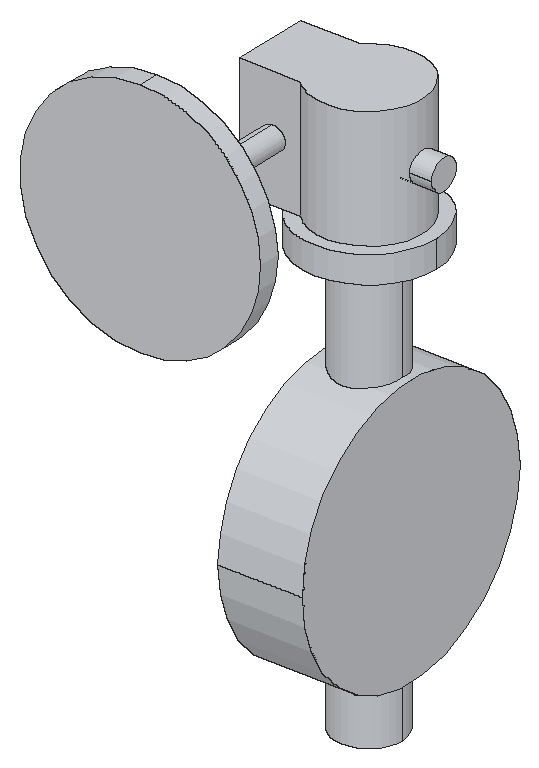
Revit family "HS497-67_disk-litina-převodové kolo DN125-RFA_2018", category Pipe Accessories, Revit 2018
Family settings
  Round Connector Dimension = Use Diameter
  Part Type = Valve - Breaks Into
  Work Plane-Based = No
  Always vertical = Yes
  Cut with Voids When Loaded = No
  Shared = No
Parameters (values of type "HS 497-67_DN125_PN16_převodové kolo")
  magiProductId = "c56b7c13f372467684996fb1e0e229"
  magiProductFamilyId = "53cea81e6f374d17b8841d9c72ad77"
  magiPartTypeId = 305
  isMeasuringValve [instance] = no
  ang2D [instance] = 0.00°
  X11 = 61.456 mm
  X1 = 25.456 mm
  W2D = 1000 mm
  VersionID = "2.0/2017.9.26.1/ZETKAMA_497_001"
  Use Minimum Symbol Size [instance] = yes
  URL = "http://www.hydronic.cz"
  Type Comments = "mezipřírubová; litinový disk; PN16; -10~+110°C (krátkodobě +120°C)"
  SW30 = yes
  SW3 = yes
  SW21 = no
  SW20 = no
  SW2 = no
  SW1 = no
  R = 62.5 mm
  QmdConnectorList = "301;D;302;D"
  Productdata [instance] = ""
  NC = 50 mm
  Model = ""
  Manufacturer = "Hydronic Systems Prague s.r.o."
  MM20 = 25.456 mm
  MC Product Code = "125 125 (litinový disk, s převodovým kolem; DN125; PN16, kvs872)"
  M41 = 65.25 mm
  M4 = 43.5 mm
  LHL = 220 mm
  LHH3 = 2.45 mm
  LHH1 = 46.55 mm
  LH1 = 73.333 mm
  L4R__ve = -L4R  # -13.5 mm
  L4R = 13.5 mm
  L42__ve = -L42  # -101.25 mm
  L42 = 101.25 mm
  L41__ve = -L41  # -20.25 mm
  L41 = 20.25 mm
  L2D_Min = 3048 mm
  L2D = 216 mm
  L2 = 28 mm
  L1 = 44.8 mm
  L = 56 mm
  H = 33 mm
  G22 = 11.25 mm
  G2 = 22.5 mm
  G1 = 90 mm
  G = 90 mm
  F = 14 mm
  E44 = 40 mm
  E42 = 80 mm
  E4 = 160 mm
  E23 = 4.9 mm
  E22 = 19.6 mm
  E21 = 9.8 mm
  Description = "Mezipřírubová uzavírací klapka s převodovým kolem; litinový disk, DN125; PN16; kvs872"
  DR2 = 62.5 mm
  DR = 180 mm
  DD1 = 20 mm
  DD = 16 mm
  D = 125 mm
  CAT0 = yes
  B2__ve = -B2  # -64 mm
  B2 = 64 mm
  A2 = 18 mm
  A1 = 99.5 mm
Types (43, lengths in mm): name | magiProductId | X11 | X1 | Type Comments | SW30 | SW3 | SW20 | SW2 | SW1 | R | NC | MM20 | MC Product Code | M41 | M4 | LHL | LHH3 | LHH1 | LH1 | L4R__ve | L4R | L42__ve | L42 | L41__ve | L41 | L2 | L1 | L | H | G | F | E44 | E42 | E4 | E23 | E22 | E21 | Description | DR2 | DR | DD1 | DD | D | B2__ve | B2 | A2 | A1
  HS 497-67_DN100_PN16_volné vřeteno | "65d1b245f4f142c78569c0602d5754" | 61.456 | 25.456 | "mezipřírubová; litinový disk; PN16; -10~+110°C (krátkodobě +120°C)" | no | no | no | no | yes | 50 | 50 | 25.456 | "123 100 (litinový disk, s volným vřetenem; DN100; PN16, kvs512)" | 66 | 44 | 220 | 2.45 | 46.55 | 73.333 | -12.8 | 12.8 | -96 | 96 | -19.2 | 19.2 | 26 | 41.6 | 52 | 30 | 90 | 11 | 31.25 | 62.5 | 125 | 4.9 | 19.6 | 9.8 | "Mezipřírubová uzavírací klapka s volným vřetenem; litinový disk, DN100; PN16; kvs512" | 50 | 147 | 15.625 | 12.5 | 100 | -56 | 56 | 16.5 | 98.5
  HS 497-67_DN100_PN16_převodové kolo | "11e91b807e674d428c8e796fcdcfe2" | 61.456 | 25.456 | "mezipřírubová; litinový disk; PN16; -10~+110°C (krátkodobě +120°C)" | yes | yes | no | no | no | 50 | 50 | 25.456 | "125 100 (litinový disk, s převodovým kolem; DN100; PN16, kvs512)" | 65.25 | 43.5 | 220 | 2.45 | 46.55 | 73.333 | -12.8 | 12.8 | -96 | 96 | -19.2 | 19.2 | 26 | 41.6 | 52 | 30 | 90 | 11 | 31.25 | 62.5 | 125 | 4.9 | 19.6 | 9.8 | "Mezipřírubová uzavírací klapka s převodovým kolem; litinový disk, DN100; PN16; kvs512" | 50 | 147 | 15.625 | 12.5 | 100 | -56 | 56 | 16.5 | 98.5
  HS 497-67_DN100_PN16_s pákou | "28172f0b3f4b47b28323ac71cf8749" | 61.456 | 25.456 | "mezipřírubová; litinový disk; PN16; -10~+110°C (krátkodobě +120°C)" | no | no | yes | yes | no | 50 | 50 | 25.456 | "120 100 (litinový disk, s pákou; DN100; PN16, kvs512)" | 66 | 44 | 260 | 3 | 57 | 86.667 | -12.8 | 12.8 | -96 | 96 | -19.2 | 19.2 | 26 | 41.6 | 52 | 30 | 90 | 11 | 31.25 | 62.5 | 125 | 6 | 24 | 12 | "Mezipřírubová uzavírací klapka s pákou; litinový disk, DN100; PN16; kvs512" | 50 | 147 | 15.625 | 12.5 | 100 | -56 | 56 | 16.5 | 98.5
  HS 497-67_DN125_PN16_volné vřeteno | "0d813d910fc14f628bb3c2efbd185c" | 61.456 | 25.456 | "mezipřírubová; litinový disk; PN16; -10~+110°C (krátkodobě +120°C)" | no | no | no | no | yes | 62.5 | 50 | 25.456 | "123 125 (litinový disk, s volným vřetenem; DN125; PN16, kvs872)" | 66 | 44 | 220 | 2.45 | 46.55 | 73.333 | -12.8 | 12.8 | -96 | 96 | -19.2 | 19.2 | 28 | 44.8 | 56 | 33 | 90 | 14 | 31.25 | 62.5 | 125 | 4.9 | 19.6 | 9.8 | "Mezipřírubová uzavírací klapka s volným vřetenem; litinový disk, DN125; PN16; kvs872" | 62.5 | 180 | 15.625 | 12.5 | 125 | -64 | 64 | 18 | 99.5
  HS 497-67_DN125_PN16_převodové kolo | "c56b7c13f372467684996fb1e0e229" | 61.456 | 25.456 | "mezipřírubová; litinový disk; PN16; -10~+110°C (krátkodobě +120°C)" | yes | yes | no | no | no | 62.5 | 50 | 25.456 | "125 125 (litinový disk, s převodovým kolem; DN125; PN16, kvs872)" | 65.25 | 43.5 | 220 | 2.45 | 46.55 | 73.333 | -13.5 | 13.5 | -101.25 | 101.25 | -20.25 | 20.25 | 28 | 44.8 | 56 | 33 | 90 | 14 | 40 | 80 | 160 | 4.9 | 19.6 | 9.8 | "Mezipřírubová uzavírací klapka s převodovým kolem; litinový disk, DN125; PN16; kvs872" | 62.5 | 180 | 20 | 16 | 125 | -64 | 64 | 18 | 99.5
  HS 497-67_DN125_PN16_s pákou | "105993c79a91492399feef7931321a" | 61.456 | 25.456 | "mezipřírubová; litinový disk; PN16; -10~+110°C (krátkodobě +120°C)" | no | no | yes | yes | no | 62.5 | 50 | 25.456 | "120 125 (litinový disk, s pákou; DN125; PN16, kvs872)" | 66 | 44 | 315 | 3.75 | 71.25 | 105 | -12.8 | 12.8 | -96 | 96 | -19.2 | 19.2 | 28 | 44.8 | 56 | 33 | 90 | 14 | 31.25 | 62.5 | 125 | 7.5 | 30 | 15 | "Mezipřírubová uzavírací klapka s pákou; litinový disk, DN125; PN16; kvs872" | 62.5 | 180 | 15.625 | 12.5 | 125 | -64 | 64 | 18 | 99.5
  HS 497-67_DN150_PN16_volné vřeteno | "50c80cb8ab434f55ab7796e5ac1331" | 61.456 | 25.456 | "mezipřírubová; litinový disk; PN16; -10~+110°C (krátkodobě +120°C)" | no | no | no | no | yes | 75 | 50 | 25.456 | "123 150 (litinový disk, s volným vřetenem; DN150; PN16, kvs1347)" | 66 | 44 | 220 | 2.45 | 46.55 | 73.333 | -12.8 | 12.8 | -96 | 96 | -19.2 | 19.2 | 28 | 44.8 | 56 | 33 | 90 | 14 | 31.25 | 62.5 | 125 | 4.9 | 19.6 | 9.8 | "Mezipřírubová uzavírací klapka s volným vřetenem; litinový disk, DN150; PN16; kvs1347" | 75 | 206 | 15.625 | 12.5 | 150 | -58 | 58 | 19.3 | 98.7
  HS 497-67_DN150_PN16_převodové kolo | "d94a1a0cf83b476eb10011b327f709" | 61.456 | 25.456 | "mezipřírubová; litinový disk; PN16; -10~+110°C (krátkodobě +120°C)" | yes | yes | no | no | no | 75 | 50 | 25.456 | "125 150 (litinový disk, s převodovým kolem; DN150; PN16, kvs1347)" | 65.25 | 43.5 | 220 | 2.45 | 46.55 | 73.333 | -13.5 | 13.5 | -101.25 | 101.25 | -20.25 | 20.25 | 28 | 44.8 | 56 | 33 | 90 | 14 | 40 | 80 | 160 | 4.9 | 19.6 | 9.8 | "Mezipřírubová uzavírací klapka s převodovým kolem; litinový disk, DN150; PN16; kvs1347" | 75 | 206 | 20 | 16 | 150 | -58 | 58 | 19.3 | 98.7
  HS 497-67_DN150_PN16_s pákou | "4d2835523fe84828bc50ff0a5a0dfb" | 61.456 | 25.456 | "mezipřírubová; litinový disk; PN16; -10~+110°C (krátkodobě +120°C)" | no | no | yes | yes | no | 75 | 50 | 25.456 | "120 150 (litinový disk, s pákou; DN150; PN16, kvs1347)" | 66 | 44 | 315 | 3.75 | 71.25 | 105 | -12.8 | 12.8 | -96 | 96 | -19.2 | 19.2 | 28 | 44.8 | 56 | 33 | 90 | 14 | 31.25 | 62.5 | 125 | 7.5 | 30 | 15 | "Mezipřírubová uzavírací klapka s pákou; litinový disk, DN150; PN16; kvs1347" | 75 | 206 | 15.625 | 12.5 | 150 | -58 | 58 | 19.3 | 98.7
  HS 497-67_DN200_PN16_volné vřeteno | "5b29029eaeba47139ee1055a4b9201" | 61.456 | 25.456 | "mezipřírubová; litinový disk; PN16; -10~+110°C (krátkodobě +120°C)" | no | no | no | no | yes | 100 | 50 | 25.456 | "123 200 (litinový disk, s volným vřetenem; DN200; PN16, kvs2675)" | 66 | 44 | 220 | 2.45 | 46.55 | 73.333 | -12.8 | 12.8 | -96 | 96 | -19.2 | 19.2 | 30 | 48 | 60 | 33 | 90 | 17 | 31.25 | 62.5 | 125 | 4.9 | 19.6 | 9.8 | "Mezipřírubová uzavírací klapka s volným vřetenem; litinový disk, DN200; PN16; kvs2675" | 100 | 257 | 15.625 | 12.5 | 200 | -70 | 70 | 22.5 | 102.5
  HS 497-67_DN200_PN16_převodové kolo | "b2793cc1fcc44cf2a35062cd67c04f" | 61.456 | 25.456 | "mezipřírubová; litinový disk; PN16; -10~+110°C (krátkodobě +120°C)" | yes | yes | no | no | no | 100 | 57 | 25.456 | "125 200 (litinový disk, s převodovým kolem; DN200; PN16, kvs2675)" | 78.75 | 52.5 | 220 | 2.45 | 46.55 | 73.333 | -15.2 | 15.2 | -114 | 114 | -22.8 | 22.8 | 30 | 48 | 60 | 33 | 90 | 17 | 50 | 100 | 200 | 4.9 | 19.6 | 9.8 | "Mezipřírubová uzavírací klapka s převodovým kolem; litinový disk, DN200; PN16; kvs2675" | 100 | 257 | 25 | 20 | 200 | -70 | 70 | 22.5 | 102.5
  HS 497-67_DN200_PN16_s pákou | "f88d96c7af224537a51e72d7d8fffe" | 61.456 | 25.456 | "mezipřírubová; litinový disk; PN16; -10~+110°C (krátkodobě +120°C)" | no | no | yes | yes | no | 100 | 50 | 25.456 | "120 200 (litinový disk, s pákou; DN200; PN16, kvs2675)" | 66 | 44 | 315 | 3.75 | 71.25 | 105 | -12.8 | 12.8 | -96 | 96 | -19.2 | 19.2 | 30 | 48 | 60 | 33 | 90 | 17 | 31.25 | 62.5 | 125 | 7.5 | 30 | 15 | "Mezipřírubová uzavírací klapka s pákou; litinový disk, DN200; PN16; kvs2675" | 100 | 257 | 15.625 | 12.5 | 200 | -70 | 70 | 22.5 | 102.5
  HS 497-67_DN250_PN16_volné vřeteno | "b662e8305ca2402b9c510e66e6aa55" | 88.77 | 36.77 | "mezipřírubová; litinový disk; PN16; -10~+110°C (krátkodobě +120°C)" | no | no | no | no | yes | 125 | 50 | 36.77 | "123 250 (litinový disk, s volným vřetenem; DN250; PN16, kvs4555)" | 66 | 44 | 220 | 2.45 | 46.55 | 73.333 | -12.8 | 12.8 | -96 | 96 | -19.2 | 19.2 | 34 | 54.4 | 68 | 23 | 130 | 22 | 31.25 | 62.5 | 125 | 4.9 | 19.6 | 9.8 | "Mezipřírubová uzavírací klapka s volným vřetenem; litinový disk, DN250; PN16; kvs4555" | 125 | 324 | 15.625 | 12.5 | 250 | -85 | 85 | 28.25 | 129.25
  HS 497-67_DN250_PN16_převodové kolo | "5ee9016806664ddfaa2632711f295c" | 88.77 | 36.77 | "mezipřírubová; litinový disk; PN16; -10~+110°C (krátkodobě +120°C)" | yes | yes | no | no | no | 125 | 70 | 36.77 | "125 250 (litinový disk, s převodovým kolem; DN250; PN16, kvs4555)" | 91.5 | 61 | 220 | 2.45 | 46.55 | 73.333 | -22.2 | 22.2 | -166.5 | 166.5 | -33.3 | 33.3 | 34 | 54.4 | 68 | 23 | 130 | 22 | 62.5 | 125 | 250 | 4.9 | 19.6 | 9.8 | "Mezipřírubová uzavírací klapka s převodovým kolem; litinový disk, DN250; PN16; kvs4555" | 125 | 324 | 31.25 | 25 | 250 | -85 | 85 | 28.25 | 129.25
  HS 497-67_DN300_PN16_volné vřeteno | "e1886f51ff004380a649519258edf2" | 88.77 | 36.77 | "mezipřírubová; litinový disk; PN16; -10~+110°C (krátkodobě +120°C)" | no | no | no | no | yes | 150 | 50 | 36.77 | "123 300 (litinový disk, s volným vřetenem; DN300; PN16, kvs7037)" | 66 | 44 | 220 | 2.45 | 46.55 | 73.333 | -12.8 | 12.8 | -96 | 96 | -19.2 | 19.2 | 39 | 62.4 | 78 | 23 | 130 | 22 | 31.25 | 62.5 | 125 | 4.9 | 19.6 | 9.8 | "Mezipřírubová uzavírací klapka s volným vřetenem; litinový disk, DN300; PN16; kvs7037" | 150 | 376 | 15.625 | 12.5 | 300 | -90 | 90 | 30.8 | 127.2
  HS 497-67_DN300_PN16_převodové kolo | "6860f094f77d42088fbebc3c97f755" | 88.77 | 36.77 | "mezipřírubová; litinový disk; PN16; -10~+110°C (krátkodobě +120°C)" | yes | yes | no | no | no | 150 | 70 | 36.77 | "125 300 (litinový disk, s převodovým kolem; DN300; PN16, kvs7037)" | 91.5 | 61 | 220 | 2.45 | 46.55 | 73.333 | -22.2 | 22.2 | -166.5 | 166.5 | -33.3 | 33.3 | 39 | 62.4 | 78 | 23 | 130 | 22 | 62.5 | 125 | 250 | 4.9 | 19.6 | 9.8 | "Mezipřírubová uzavírací klapka s převodovým kolem; litinový disk, DN300; PN16; kvs7037" | 150 | 376 | 31.25 | 25 | 300 | -90 | 90 | 30.8 | 127.2
  HS 497-67_DN032_PN16_volné vřeteno | "8c5f65de52aa4067a77564107e31b2" | 61.456 | 25.456 | "mezipřírubová; litinový disk; PN16; -10~+110°C (krátkodobě +120°C)" | no | no | no | no | yes | 16 | 50 | 25.456 | "123 032 (litinový disk, s volným vřetenem; DN32; PN16, kvs78)" | 66 | 44 | 220 | 2.45 | 46.55 | 73.333 | -12.8 | 12.8 | -96 | 96 | -19.2 | 19.2 | 16.5 | 26.4 | 33 | 30 | 90 | 11 | 31.25 | 62.5 | 125 | 4.9 | 19.6 | 9.8 | "Mezipřírubová uzavírací klapka s volným vřetenem; litinový disk, DN32; PN16; kvs78" | 16 | 68 | 15.625 | 12.5 | 32 | -44.2 | 44.2 | 10.25 | 76.25
  HS 497-67_DN032_PN16_převodové kolo | "60aaeffa8b3a4e809ef000e4660060" | 61.456 | 25.456 | "mezipřírubová; litinový disk; PN16; -10~+110°C (krátkodobě +120°C)" | yes | yes | no | no | no | 16 | 50 | 25.456 | "125 032 (litinový disk, s převodovým kolem; DN32; PN16, kvs78)" | 65.25 | 43.5 | 220 | 2.45 | 46.55 | 73.333 | -12.8 | 12.8 | -96 | 96 | -19.2 | 19.2 | 16.5 | 26.4 | 33 | 30 | 90 | 11 | 31.25 | 62.5 | 125 | 4.9 | 19.6 | 9.8 | "Mezipřírubová uzavírací klapka s převodovým kolem; litinový disk, DN32; PN16; kvs78" | 16 | 68 | 15.625 | 12.5 | 32 | -44.2 | 44.2 | 10.25 | 76.25
  HS 497-67_DN032_PN16_s pákou | "9ad8088d610749a1b871aa2aad8007" | 61.456 | 25.456 | "mezipřírubová; litinový disk; PN16; -10~+110°C (krátkodobě +120°C)" | no | no | yes | yes | no | 16 | 50 | 25.456 | "120 032 (litinový disk, s pákou; DN32; PN16, kvs78)" | 66 | 44 | 220 | 2.45 | 46.55 | 73.333 | -12.8 | 12.8 | -96 | 96 | -19.2 | 19.2 | 16.5 | 26.4 | 33 | 30 | 90 | 11 | 31.25 | 62.5 | 125 | 4.9 | 19.6 | 9.8 | "Mezipřírubová uzavírací klapka s pákou; litinový disk, DN32; PN16; kvs78" | 16 | 68 | 15.625 | 12.5 | 32 | -44.2 | 44.2 | 10.25 | 76.25
  HS 497-67_DN350_PN10_volné vřeteno | "72a1e05f22944421b7e9596a877137" | 109.255 | 45.255 | "mezipřírubová; litinový disk; PN10; -10~+110°C (krátkodobě +120°C)" | no | no | no | no | yes | 175 | 50 | 45.255 | "123 350 (litinový disk, s volným vřetenem; DN350; PN10, kvs10165)" | 66 | 44 | 220 | 2.45 | 46.55 | 73.333 | -12.8 | 12.8 | -96 | 96 | -19.2 | 19.2 | 39 | 62.4 | 78 | 31 | 160 | 22 | 31.25 | 62.5 | 125 | 4.9 | 19.6 | 9.8 | "Mezipřírubová uzavírací klapka s volným vřetenem; litinový disk, DN350; PN10; kvs10165" | 175 | 430 | 15.625 | 12.5 | 350 | -88 | 88 | 33.85 | 129.65
  HS 497-67_DN350_PN10_převodové kolo | "a5a01426cb28494ba3afca92f1dace" | 109.255 | 45.255 | "mezipřírubová; litinový disk; PN10; -10~+110°C (krátkodobě +120°C)" | yes | yes | no | no | no | 175 | 70 | 45.255 | "125 350 (litinový disk, s převodovým kolem; DN350; PN10, kvs10165)" | 91.5 | 61 | 220 | 2.45 | 46.55 | 73.333 | -22.2 | 22.2 | -166.5 | 166.5 | -33.3 | 33.3 | 39 | 62.4 | 78 | 31 | 160 | 22 | 62.5 | 125 | 250 | 4.9 | 19.6 | 9.8 | "Mezipřírubová uzavírací klapka s převodovým kolem; litinový disk, DN350; PN10; kvs10165" | 175 | 430 | 31.25 | 25 | 350 | -88 | 88 | 33.85 | 129.65
  HS 497-67_DN400_PN10_volné vřeteno | "c70ebeb927c04ab99b176e257ad0a7" | 109.255 | 45.255 | "mezipřírubová; litinový disk; PN10; -10~+110°C (krátkodobě +120°C)" | no | no | no | no | yes | 200 | 50 | 45.255 | "123 400 (litinový disk, s volným vřetenem; DN400; PN10, kvs13799)" | 66 | 44 | 220 | 2.45 | 46.55 | 73.333 | -12.8 | 12.8 | -96 | 96 | -19.2 | 19.2 | 51 | 81.6 | 102 | 31 | 160 | 27 | 31.25 | 62.5 | 125 | 4.9 | 19.6 | 9.8 | "Mezipřírubová uzavírací klapka s volným vřetenem; litinový disk, DN400; PN10; kvs13799" | 200 | 485 | 15.625 | 12.5 | 400 | -108 | 108 | 38 | 142
  HS 497-67_DN400_PN10_převodové kolo | "cc64a4384dcb41b780d81810f4f293" | 109.255 | 45.255 | "mezipřírubová; litinový disk; PN10; -10~+110°C (krátkodobě +120°C)" | yes | yes | no | no | no | 200 | 72.5 | 45.255 | "125 400 (litinový disk, s převodovým kolem; DN400; PN10, kvs13799)" | 103.5 | 69 | 220 | 2.45 | 46.55 | 73.333 | -27.8 | 27.8 | -208.5 | 208.5 | -41.7 | 41.7 | 51 | 81.6 | 102 | 31 | 160 | 27 | 75 | 150 | 300 | 4.9 | 19.6 | 9.8 | "Mezipřírubová uzavírací klapka s převodovým kolem; litinový disk, DN400; PN10; kvs13799" | 200 | 485 | 37.5 | 30 | 400 | -108 | 108 | 38 | 142
  HS 497-67_DN040_PN16_volné vřeteno | "35f92312390745e88df5b5c325d9ee" | 61.456 | 25.456 | "mezipřírubová; litinový disk; PN16; -10~+110°C (krátkodobě +120°C)" | no | no | no | no | yes | 20 | 50 | 25.456 | "123 040 (litinový disk, s volným vřetenem; DN40; PN16, kvs78)" | 66 | 44 | 220 | 2.45 | 46.55 | 73.333 | -12.8 | 12.8 | -96 | 96 | -19.2 | 19.2 | 16.5 | 26.4 | 33 | 30 | 90 | 11 | 31.25 | 62.5 | 125 | 4.9 | 19.6 | 9.8 | "Mezipřírubová uzavírací klapka s volným vřetenem; litinový disk, DN40; PN16; kvs78" | 20 | 76 | 15.625 | 12.5 | 40 | -36 | 36 | 11 | 79
  HS 497-67_DN040_PN16_převodové kolo | "d88e968eae3445bc9b7b4e6ff35127" | 61.456 | 25.456 | "mezipřírubová; litinový disk; PN16; -10~+110°C (krátkodobě +120°C)" | yes | yes | no | no | no | 20 | 50 | 25.456 | "125 040 (litinový disk, s převodovým kolem; DN40; PN16, kvs78)" | 65.25 | 43.5 | 220 | 2.45 | 46.55 | 73.333 | -12.8 | 12.8 | -96 | 96 | -19.2 | 19.2 | 16.5 | 26.4 | 33 | 30 | 90 | 11 | 31.25 | 62.5 | 125 | 4.9 | 19.6 | 9.8 | "Mezipřírubová uzavírací klapka s převodovým kolem; litinový disk, DN40; PN16; kvs78" | 20 | 76 | 15.625 | 12.5 | 40 | -36 | 36 | 11 | 79
  HS 497-67_DN040_PN16_s pákou | "c1b522ca65b4407a98818f232eaacb" | 61.456 | 25.456 | "mezipřírubová; litinový disk; PN16; -10~+110°C (krátkodobě +120°C)" | no | no | yes | yes | no | 20 | 50 | 25.456 | "120 040 (litinový disk, s pákou; DN40; PN16, kvs78)" | 66 | 44 | 220 | 2.45 | 46.55 | 73.333 | -12.8 | 12.8 | -96 | 96 | -19.2 | 19.2 | 16.5 | 26.4 | 33 | 30 | 90 | 11 | 31.25 | 62.5 | 125 | 4.9 | 19.6 | 9.8 | "Mezipřírubová uzavírací klapka s pákou; litinový disk, DN40; PN16; kvs78" | 20 | 76 | 15.625 | 12.5 | 40 | -36 | 36 | 11 | 79
  HS 497-67_DN450_PN10_volné vřeteno | "a8358bc282f14872b3194e530e590a" | 129.74 | 53.74 | "mezipřírubová; litinový disk; PN10; -10~+110°C (krátkodobě +120°C)" | no | no | no | no | yes | 225 | 50 | 53.74 | "123 450 (litinový disk, s volným vřetenem; DN450; PN10, kvs18514)" | 66 | 44 | 220 | 2.45 | 46.55 | 73.333 | -12.8 | 12.8 | -96 | 96 | -19.2 | 19.2 | 57 | 91.2 | 114 | 38 | 190 | 36 | 31.25 | 62.5 | 125 | 4.9 | 19.6 | 9.8 | "Mezipřírubová uzavírací klapka s volným vřetenem; litinový disk, DN450; PN10; kvs18514" | 225 | 536 | 15.625 | 12.5 | 450 | -115 | 115 | 38.05 | 117.45
  HS 497-67_DN450_PN10_převodové kolo | "cdf2d80f54a9414f9cbe50647c0ebd" | 129.74 | 53.74 | "mezipřírubová; litinový disk; PN10; -10~+110°C (krátkodobě +120°C)" | yes | yes | no | no | no | 225 | 91.5 | 53.74 | "125 450 (litinový disk, s převodovým kolem; DN450; PN10, kvs18514)" | 144.75 | 96.5 | 220 | 2.45 | 46.55 | 73.333 | -32.1 | 32.1 | -240.75 | 240.75 | -48.15 | 48.15 | 57 | 91.2 | 114 | 38 | 190 | 36 | 100 | 200 | 400 | 4.9 | 19.6 | 9.8 | "Mezipřírubová uzavírací klapka s převodovým kolem; litinový disk, DN450; PN10; kvs18514" | 225 | 536 | 50 | 40 | 450 | -115 | 115 | 38.05 | 117.45
  HS 497-67_DN500_PN10_volné vřeteno | "8c396e27bb2743f98f3c762b6517cd" | 143.397 | 59.397 | "mezipřírubová; litinový disk; PN10; -10~+110°C (krátkodobě +120°C)" | no | no | no | no | yes | 250 | 50 | 59.397 | "123 500 (litinový disk, s volným vřetenem; DN500; PN10, kvs23805)" | 66 | 44 | 220 | 2.45 | 46.55 | 73.333 | -12.8 | 12.8 | -96 | 96 | -19.2 | 19.2 | 63.5 | 101.6 | 127 | 38 | 210 | 36 | 31.25 | 62.5 | 125 | 4.9 | 19.6 | 9.8 | "Mezipřírubová uzavírací klapka s volným vřetenem; litinový disk, DN500; PN10; kvs23805" | 250 | 593 | 15.625 | 12.5 | 500 | -130 | 130 | 43.25 | 139.25
  HS 497-67_DN500_PN10_převodové kolo | "7647804f32e94cef828a7034a91a46" | 143.397 | 59.397 | "mezipřírubová; litinový disk; PN10; -10~+110°C (krátkodobě +120°C)" | yes | yes | no | no | no | 250 | 91.5 | 59.397 | "125 500 (litinový disk, s převodovým kolem; DN500; PN10, kvs23805)" | 144.75 | 96.5 | 220 | 2.45 | 46.55 | 73.333 | -32.1 | 32.1 | -240.75 | 240.75 | -48.15 | 48.15 | 63.5 | 101.6 | 127 | 38 | 210 | 36 | 100 | 200 | 400 | 4.9 | 19.6 | 9.8 | "Mezipřírubová uzavírací klapka s převodovým kolem; litinový disk, DN500; PN10; kvs23805" | 250 | 593 | 50 | 40 | 500 | -130 | 130 | 43.25 | 139.25
  HS 497-67_DN050_volné vřeteno | "d71f296ecd6d4adf8f6e5d9853b4e0" | 61.456 | 25.456 | "mezipřírubová; litinový disk; PN16; -10~+110°C (krátkodobě +120°C)" | no | no | no | no | yes | 25 | 50 | 25.456 | "123 050 (litinový disk, s volným vřetenem; DN50; PN16, kvs98)" | 66 | 44 | 220 | 2.45 | 46.55 | 73.333 | -12.8 | 12.8 | -96 | 96 | -19.2 | 19.2 | 21.5 | 34.4 | 43 | 30 | 90 | 11 | 31.25 | 62.5 | 125 | 4.9 | 19.6 | 9.8 | "Mezipřírubová uzavírací klapka s volným vřetenem; litinový disk, DN50; PN16; kvs98" | 25 | 100 | 15.625 | 12.5 | 50 | -36.5 | 36.5 | 12 | 83
  HS 497-67_DN050_PN16_převodové kolo | "2fb080deeaed49c58418b94c1da5a4" | 61.456 | 25.456 | "mezipřírubová; litinový disk; PN16; -10~+110°C (krátkodobě +120°C)" | yes | yes | no | no | no | 25 | 50 | 25.456 | "125 050 (litinový disk, s převodovým kolem; DN50; PN16, kvs98)" | 65.25 | 43.5 | 220 | 2.45 | 46.55 | 73.333 | -12.8 | 12.8 | -96 | 96 | -19.2 | 19.2 | 21.5 | 34.4 | 43 | 30 | 90 | 11 | 31.25 | 62.5 | 125 | 4.9 | 19.6 | 9.8 | "Mezipřírubová uzavírací klapka s převodovým kolem; litinový disk, DN50; PN16; kvs98" | 25 | 100 | 15.625 | 12.5 | 50 | -36.5 | 36.5 | 12 | 83
  HS 497-67_DN050_PN16_s pákou | "dabc632061f94877a994b9b4e68112" | 61.456 | 25.456 | "mezipřírubová; litinový disk; PN16; -10~+110°C (krátkodobě +120°C)" | no | no | yes | yes | no | 25 | 50 | 25.456 | "120 050 (litinový disk, s pákou; DN50; PN16, kvs98)" | 66 | 44 | 220 | 2.45 | 46.55 | 73.333 | -12.8 | 12.8 | -96 | 96 | -19.2 | 19.2 | 21.5 | 34.4 | 43 | 30 | 90 | 11 | 31.25 | 62.5 | 125 | 4.9 | 19.6 | 9.8 | "Mezipřírubová uzavírací klapka s pákou; litinový disk, DN50; PN16; kvs98" | 25 | 100 | 15.625 | 12.5 | 50 | -36.5 | 36.5 | 12 | 83
  HS 497-67_DN600_PN10_volné vřeteno | "99d5892c14664fce81a7c5903f7711" | 143.397 | 59.397 | "mezipřírubová; litinový disk; PN10; -10~+110°C (krátkodobě +120°C)" | no | no | no | no | yes | 300 | 50 | 59.397 | "123 600 (litinový disk, s volným vřetenem; DN600; PN10, kvs36778)" | 66 | 44 | 220 | 2.45 | 46.55 | 73.333 | -12.8 | 12.8 | -96 | 96 | -19.2 | 19.2 | 77 | 123.2 | 154 | 80 | 210 | 60 | 31.25 | 62.5 | 125 | 4.9 | 19.6 | 9.8 | "Mezipřírubová uzavírací klapka s volným vřetenem; litinový disk, DN600; PN10; kvs36788" | 300 | 690 | 15.625 | 12.5 | 600 | -140 | 140 | 49.4 | 144.6
  HS 497-67_DN600_PN10_převodové kolo | "b1e26faab48a4c499f6bb11e7e3002" | 143.397 | 59.397 | "mezipřírubová; litinový disk; PN10; -10~+110°C (krátkodobě +120°C)" | yes | yes | no | no | no | 300 | 140 | 59.397 | "125 600 (litinový disk, s převodovým kolem; DN600; PN10, kvs36778)" | 206.25 | 137.5 | 220 | 2.45 | 46.55 | 73.333 | -40.8 | 40.8 | -306 | 306 | -61.2 | 61.2 | 77 | 123.2 | 154 | 80 | 210 | 60 | 125 | 250 | 500 | 4.9 | 19.6 | 9.8 | "Mezipřírubová uzavírací klapka s převodovým kolem; litinový disk, DN600; PN10; kvs36788" | 300 | 690 | 62.5 | 50 | 600 | -140 | 140 | 49.4 | 144.6
  HS 497-67_DN065_PN16_volné vřeteno | "5e5e208646e34ec29f889baab5d08e" | 61.456 | 25.456 | "mezipřírubová; litinový disk; PN16; -10~+110°C (krátkodobě +120°C)" | no | no | no | no | yes | 32.5 | 50 | 25.456 | "123 065 (litinový disk, s volným vřetenem; DN65; PN16, kvs167)" | 66 | 44 | 220 | 2.45 | 46.55 | 73.333 | -12.8 | 12.8 | -96 | 96 | -19.2 | 19.2 | 23 | 36.8 | 46 | 30 | 90 | 11 | 31.25 | 62.5 | 125 | 4.9 | 19.6 | 9.8 | "Mezipřírubová uzavírací klapka s volným vřetenem; litinový disk, DN65; PN16; kv167" | 32.5 | 108 | 15.625 | 12.5 | 65 | -36.5 | 36.5 | 13.5 | 89
  HS 497-67_DN065_PN16_převodové kolo | "654d74c8d15540b0bfe523d988ccb3" | 61.456 | 25.456 | "mezipřírubová; litinový disk; PN16; -10~+110°C (krátkodobě +120°C)" | yes | yes | no | no | no | 32.5 | 50 | 25.456 | "125 065 (litinový disk, s převodovým kolem; DN65; PN16, kvs167)" | 65.25 | 43.5 | 220 | 2.45 | 46.55 | 73.333 | -12.8 | 12.8 | -96 | 96 | -19.2 | 19.2 | 23 | 36.8 | 46 | 30 | 90 | 11 | 31.25 | 62.5 | 125 | 4.9 | 19.6 | 9.8 | "Mezipřírubová uzavírací klapka s převodovým kolem; litinový disk, DN65; PN16; kvs167" | 32.5 | 108 | 15.625 | 12.5 | 65 | -36.5 | 36.5 | 13.5 | 89
  HS 497-67_DN065_PN16_s pákou | "ebeb4b59db0641caaf6d6635ab37b9" | 61.456 | 25.456 | "mezipřírubová; litinový disk; PN16; -10~+110°C (krátkodobě +120°C)" | no | no | yes | yes | no | 32.5 | 50 | 25.456 | "120 065 (litinový disk, s pákou; DN65; PN16, kvs167)" | 66 | 44 | 220 | 2.45 | 46.55 | 73.333 | -12.8 | 12.8 | -96 | 96 | -19.2 | 19.2 | 23 | 36.8 | 46 | 30 | 90 | 11 | 31.25 | 62.5 | 125 | 4.9 | 19.6 | 9.8 | "Mezipřírubová uzavírací klapka s pákou; litinový disk, DN65; PN16; kvs167" | 32.5 | 108 | 15.625 | 12.5 | 65 | -36.5 | 36.5 | 13.5 | 89
  HS 497-67_DN080_PN16_volné vřeteno | "9e85c75c18654e1185a9c48ed6b00e" | 61.456 | 25.456 | "mezipřírubová; litinový disk; PN16; -10~+110°C (krátkodobě +120°C)" | no | no | no | no | yes | 40 | 50 | 25.456 | "123 080 (litinový disk, s volným vřetenem; DN80; PN16, kvs258)" | 66 | 44 | 220 | 2.45 | 46.55 | 73.333 | -12.8 | 12.8 | -96 | 96 | -19.2 | 19.2 | 23 | 36.8 | 46 | 30 | 90 | 11 | 31.25 | 62.5 | 125 | 4.9 | 19.6 | 9.8 | "Mezipřírubová uzavírací klapka s volným vřetenem; litinový disk, DN80; PN16; kvs258" | 40 | 124 | 15.625 | 12.5 | 80 | -54 | 54 | 14.1 | 86.9
  HS 497-67_DN080_PN16_převodové kolo | "5b3c8238c3d041e68c75b199e7ea46" | 61.456 | 25.456 | "mezipřírubová; litinový disk; PN16; -10~+110°C (krátkodobě +120°C)" | yes | yes | no | no | no | 40 | 50 | 25.456 | "125 080 (litinový disk, s převodovým kolem; DN80; PN16, kvs258)" | 65.25 | 43.5 | 220 | 2.45 | 46.55 | 73.333 | -12.8 | 12.8 | -96 | 96 | -19.2 | 19.2 | 23 | 36.8 | 46 | 30 | 90 | 11 | 31.25 | 62.5 | 125 | 4.9 | 19.6 | 9.8 | "Mezipřírubová uzavírací klapka s převodovým kolem; litinový disk, DN80; PN16; kvs258" | 40 | 124 | 15.625 | 12.5 | 80 | -54 | 54 | 14.1 | 86.9
  HS 497-67_DN080_PN16_s pákou | "e414795fab0f4eccb99bc3572c5477" | 61.456 | 25.456 | "mezipřírubová; litinový disk; PN16; -10~+110°C (krátkodobě +120°C)" | no | no | yes | yes | no | 40 | 50 | 25.456 | "120 080 (litinový disk, s pákou; DN80; PN16, kvs258)" | 66 | 44 | 260 | 3 | 57 | 86.667 | -12.8 | 12.8 | -96 | 96 | -19.2 | 19.2 | 23 | 36.8 | 46 | 30 | 90 | 11 | 31.25 | 62.5 | 125 | 6 | 24 | 12 | "Mezipřírubová uzavírací klapka s pákou; litinový disk, DN80; PN16; kvs258" | 40 | 124 | 15.625 | 12.5 | 80 | -54 | 54 | 14.1 | 86.9
  HS 497-67_DN250_PN16_s pákou | "" | 88.77 | 36.77 | "mezipřírubová; litinový disk; PN16; -10~+110°C (krátkodobě +120°C)" | no | no | yes | yes | no | 125 | 70 | 36.77 | "120 250 (litinový disk, s pákou; DN250; PN16, kvs4555)" | 91.5 | 61 | 220 | 2.45 | 46.55 | 73.333 | -22.2 | 22.2 | -166.5 | 166.5 | -33.3 | 33.3 | 34 | 54.4 | 68 | 23 | 130 | 22 | 62.5 | 125 | 250 | 4.9 | 19.6 | 9.8 | "Mezipřírubová uzavírací klapka s pákou; litinový disk, DN250; PN16; kvs4555" | 125 | 324 | 31.25 | 25 | 250 | -85 | 85 | 28.25 | 129.25
  HS 497-67_DN300_PN16_s pákou | "" | 88.77 | 36.77 | "mezipřírubová; litinový disk; PN16; -10~+110°C (krátkodobě +120°C)" | no | no | yes | yes | no | 150 | 70 | 36.77 | "120 300 (litinový disk, s pákou; DN300; PN16, kvs7037)" | 91.5 | 61 | 220 | 2.45 | 46.55 | 73.333 | -22.2 | 22.2 | -166.5 | 166.5 | -33.3 | 33.3 | 39 | 62.4 | 78 | 23 | 130 | 22 | 62.5 | 125 | 250 | 4.9 | 19.6 | 9.8 | "Mezipřírubová uzavírací klapka s pákou; litinový disk, DN300; PN16; kvs7037" | 150 | 376 | 31.25 | 25 | 300 | -90 | 90 | 30.8 | 127.2
Reference planes
  plane 1 "Center (Front/Back)": y = 0
  plane 2 "XYPLANE": z = 0
  plane 3 "Center (Left/Right)": x = 0
  plane 4 "473": x = -25.456
  plane 5 "472": x = -65.25
  plane 6 "471": y = -25.456
  plane 7 "470": y = 25.456
  plane 8 "469": x = -43.5
  plane 9 "468": y = -121.5
  plane 10 "467": y = -101.25
  plane 11 "466": z = 220
  plane 12 "465": z = 226.55
  plane 13 "464": y = 145.417
  plane 14 "463": z = 216.75
  plane 15 "462": z = 199.6
  plane 16 "461": z = 209.4
  plane 17 "460": y = 72.083
  plane 18 "459": x = -11.25
  plane 19 "458": x = 11.25
  plane 20 "457": y = -6.25
  plane 21 "456": x = -17.5
  plane 22 "455": x = 17.5
  plane 23 "454": z = 214.3
  plane 24 "453": y = 62.083
  plane 25 "452": y = -11.25
  plane 26 "451": x = -22.5
  plane 27 "450": x = 22.5
  plane 28 "449": z = 194.7
  plane 29 "448": z = 189.8
  plane 30 "447": z = -62.5
  plane 31 "446": z = 180
  plane 32 "445": z = 162
  plane 33 "444": z = 62.5
  plane 34 "443": x = 28
  plane 35 "442": x = -28
  plane 36 "441": z = 0
  plane 37 "440": y = 0
  plane 38 "439": x = 0
  plane 39 "438": z = 229
  plane 40 "437": z = 214.3
  plane 41 "436": x = 13.7
  plane 42 "435": x = -13.7
  plane 43 "434": y = 220
Forms (mm)
  Extrusion 1, solid, visible <- "SW3"
    sketch origin (-750, 0, 180) x (1, 0, 0) y (0, 1, 0)
      loop
        line (684.75, 25.456) -> (684.75, -25.456) -> (724.544, -25.456)
        arc (724.544, -25.456) -> (786, 0) -> (724.544, 25.456) r 36
        line (724.544, 25.456) -> (684.75, 25.456)
    from 0 to 80 <- "E42"
  Extrusion 2, solid, visible <- "SW30"
    sketch origin (0, -750, 0) x (0, 1, 0) y (0, 0, 1)
      loop
        circle (750, 220) r 10
    from 0 to 50 <- "NC"
  Extrusion 3, solid, visible <- "SW30"
    sketch origin (750, -121.5, 0) x (-1, 0, 0) y (0, 0, 1)
      loop
        circle (793.5, 220) r 80
    from 0 to -13.5 <- "L4R__ve"
  Extrusion 4, solid, visible <- "SW3"
    sketch origin (750, -101.25, 0) x (-1, 0, 0) y (0, 0, 1)
      loop
        circle (793.5, 220) r 10
    from 0 to -20.25 <- "L41__ve"
  Extrusion 5, solid, visible <- "SW30"
    sketch origin (750, 0, 0) x (-1, 0, 0) y (0, 0, 1)
      loop
        circle (793.5, 220) r 8
    from 0 to -101.25 <- "L42__ve"
  Blend 6, solid, visible <- "SW21"
    base sketch origin (750, 72.083, 0) x (-1, 0, 0) y (0, 0, 1)
      loop
        line (761.25, 209.4) -> (738.75, 209.4) -> (738.75, 199.6) -> (761.25, 199.6) -> (761.25, 209.4)
    top sketch origin (750, 72.083, 0) x (-1, 0, 0) y (0, 0, 1)
      loop
        line (761.25, 226.55) -> (738.75, 226.55) -> (738.75, 216.75) -> (761.25, 216.75) -> (761.25, 226.55)
    from 0 to 73.333
  Blend 7, solid, visible <- "SW21"
    base sketch origin (750, 62.083, 0) x (-1, 0, 0) y (0, 0, 1)
      loop
        line (761.25, 214.3) -> (738.75, 214.3) -> (738.75, 194.7) -> (761.25, 194.7) -> (761.25, 214.3)
    top sketch origin (750, 62.083, 0) x (-1, 0, 0) y (0, 0, 1)
      loop
        line (761.25, 209.4) -> (738.75, 209.4) -> (738.75, 199.6) -> (761.25, 199.6) -> (761.25, 209.4)
    from 0 to 10
  Blend 8, solid, visible <- "SW21"
    base sketch origin (-750, 0, 194.7) x (1, 0, 0) y (0, 1, 0)
      loop
        line (772.5, 62.083) -> (727.5, 62.083) -> (727.5, -11.25)
        arc (727.5, -11.25) -> (750, -31.25) -> (772.5, -11.25) r 22.656
        line (772.5, -11.25) -> (772.5, 62.083)
    top sketch origin (-750, 0, 194.7) x (1, 0, 0) y (0, 1, 0)
      loop
        line (767.5, 62.083) -> (732.5, 62.083) -> (732.5, -6.25)
        arc (732.5, -6.25) -> (750, -26.25) -> (767.5, -6.25) r 17.656
        line (767.5, -6.25) -> (767.5, 62.083)
    from 0 to 19.6
  Extrusion 9, solid, visible <- "SW2"
    sketch origin (-750, 0, 189.8) x (1, 0, 0) y (0, 1, 0)
      loop
        circle (750, 0) r 11.25
    from 0 to 4.9 <- "E23"
  Extrusion 10, solid, visible <- "SW2"
    sketch origin (-750, 0, 180) x (1, 0, 0) y (0, 1, 0)
      loop
        circle (750, 0) r 45
    from 0 to 9.8 <- "E21"
  Extrusion 11, solid, visible <- "CAT0"
    sketch origin (-750, 0, -62.5) x (1, 0, 0) y (0, 1, 0)
      loop
        circle (750, 0) r 22.4
    from 0 to -64 <- "B2__ve"
  Extrusion 12, solid, visible <- "CAT0"
    sketch origin (-750, 0, 162) x (1, 0, 0) y (0, 1, 0)
      loop
        circle (750, 0) r 45
    from 0 to 18 <- "A2"
  Extrusion 13, solid, visible <- "CAT0"
    sketch origin (-750, 0, 62.5) x (1, 0, 0) y (0, 1, 0)
      loop
        circle (750, 0) r 22.4
    from 0 to 99.5 <- "A1"
  Extrusion 14, solid, visible <- "CAT0"
    sketch origin (-28, -750, 0) x (0, 1, 0) y (0, 0, 1)
      loop
        circle (750, 0) r 90
    from 0 to 56 <- "L"
  Extrusion 15, solid, visible <- "SW1"
    sketch origin (-750, 0, 180) x (1, 0, 0) y (0, 1, 0)
      loop
        line (757, 7) -> (743, 7) -> (743, -7) -> (757, -7) -> (757, 7)
    from 0 to 33 <- "H"
  Blend 16, solid, visible <- "SW2"
    base sketch origin (750, 145.417, 0) x (-1, 0, 0) y (0, 0, 1)
      loop
        arc (763.7, 224) -> (762.236, 227.536) -> (758.7, 229) r 5
        line (758.7, 229) -> (741.3, 229)
        arc (741.3, 229) -> (737.764, 227.536) -> (736.3, 224) r 5
        line (736.3, 224) -> (736.3, 219.3)
        arc (736.3, 219.3) -> (737.764, 215.764) -> (741.3, 214.3) r 5
        line (741.3, 214.3) -> (758.7, 214.3)
        arc (758.7, 214.3) -> (762.236, 215.764) -> (763.7, 219.3) r 5
        line (763.7, 219.3) -> (763.7, 224)
    top sketch origin (750, 145.417, 0) x (-1, 0, 0) y (0, 0, 1)
      loop
        arc (763.7, 224) -> (762.236, 227.536) -> (758.7, 229) r 5
        line (758.7, 229) -> (741.3, 229)
        arc (741.3, 229) -> (737.764, 227.536) -> (736.3, 224) r 5
        line (736.3, 224) -> (736.3, 219.3)
        arc (736.3, 219.3) -> (737.764, 215.764) -> (741.3, 214.3) r 5
        line (741.3, 214.3) -> (758.7, 214.3)
        arc (758.7, 214.3) -> (762.236, 215.764) -> (763.7, 219.3) r 5
        line (763.7, 219.3) -> (763.7, 224)
    from 0 to 74.583
  Blend 17, solid, visible <- "SW20"
    base sketch origin (750, 145.417, 0) x (-1, 0, 0) y (0, 0, 1)
      loop
        line (763.7, 229) -> (736.3, 229) -> (736.3, 214.3) -> (763.7, 214.3) -> (763.7, 229)
    top sketch origin (750, 145.417, 0) x (-1, 0, 0) y (0, 0, 1)
      loop
        line (761.25, 214.3) -> (738.75, 214.3) -> (738.75, 194.7) -> (761.25, 194.7) -> (761.25, 214.3)
    from 0 to -83.333
  Extrusion 18, solid, visible <- "SW20"
    sketch origin (-750, 0, 194.7) x (1, 0, 0) y (0, 1, 0)
      loop
        line (772.5, 62.083) -> (727.5, 62.083) -> (727.5, -11.25)
        arc (727.5, -11.25) -> (750, -31.25) -> (772.5, -11.25) r 22.656
        line (772.5, -11.25) -> (772.5, 62.083)
    from 0 to 19.6 <- "E22"
  Extrusion 19, solid, not visible
    sketch origin (-28, -750, 0) x (0, 1, 0) y (0, 0, 1)
      loop
        circle (750, 0) r 10
    from 0 to 10
  Extrusion 20, solid, not visible
    sketch origin (28, -750, 0) x (0, 1, 0) y (0, 0, 1)
      loop
        circle (750, 0) r 10
    from 0 to -10
Lines and regions (mm)
  reference lines, not visible
    curve 1: circle (2, 2, 0) r 1 normal (0, 0, 1)
  reference lines
    curve 2: line (-25.456, -25.456, 180) -> (-25.456, 25.456, 180)
    curve 3: line (-17.5, -6.25, 194.7) -> (17.5, -6.25, 194.7)
    curve 4: line (-22.5, -11.25, 194.7) -> (22.5, -11.25, 194.7)
    curve 5: circle (0, 0, 180) r 1 normal (0, 0, 1)
    curve 6: line (-22.5, -11.25, 194.7) -> (22.5, -11.25, 194.7)
Dimensions and locks
  plane 1 "Center (Front/Back)" to curve 1 = 2 mm
  "X1": plane 3 "Center (Left/Right)" to plane 4 "473"
  "M41": plane 3 "Center (Left/Right)" to plane 5 "472"
  "MM20": plane 1 "Center (Front/Back)" to plane 6 "471"
  "MM20": plane 1 "Center (Front/Back)" to plane 7 "470"
  "M4": plane 3 "Center (Left/Right)" to plane 8 "469"
  "L41": plane 10 "467" to plane 9 "468"
  "L42": plane 1 "Center (Front/Back)" to plane 10 "467"
  "E44": plane 31 "446" to plane 11 "466"
  "LHH1": plane 31 "446" to plane 12 "465"
  "LH1": plane 17 "460" to plane 13 "464"
  "E21": plane 12 "465" to plane 14 "463"
  "E21": plane 16 "461" to plane 15 "462"
  "E23": plane 23 "454" to plane 16 "461"
  locked: plane 24 "453" to plane 17 "460" at 10
  "G22": plane 3 "Center (Left/Right)" to plane 18 "459"
  "G22": plane 3 "Center (Left/Right)" to plane 19 "458"
  locked: plane 25 "452" to plane 20 "457" at 5
  locked: plane 26 "451" to plane 21 "456" at 5
  locked: plane 27 "450" to plane 22 "455" at 5
  "E22": plane 28 "449" to plane 23 "454"
  "LH1": plane 25 "452" to plane 24 "453"
  "G22": plane 1 "Center (Front/Back)" to plane 25 "452"
  "G2": plane 3 "Center (Left/Right)" to plane 26 "451"
  "G2": plane 3 "Center (Left/Right)" to plane 27 "450"
  "E23": plane 29 "448" to plane 28 "449"
  "E21": plane 31 "446" to plane 29 "448"
  "R": plane 2 "XYPLANE" to plane 30 "447"
  "A2": plane 32 "445" to plane 31 "446"
  "A1": plane 33 "444" to plane 32 "445"
  "DR2": plane 2 "XYPLANE" to plane 33 "444"
  "L2": plane 3 "Center (Left/Right)" to plane 34 "443"
  "L2": plane 3 "Center (Left/Right)" to plane 35 "442"
  locked: plane 2 "XYPLANE" to plane 36 "441"
  locked: plane 1 "Center (Front/Back)" to plane 37 "440"
  locked: plane 3 "Center (Left/Right)" to plane 38 "439"
  "LHH3": plane 12 "465" to plane 39 "438"
  "LHH3": plane 14 "463" to plane 40 "437"
  "LHH3": plane 19 "458" to plane 41 "436"
  "LHH3": plane 18 "459" to plane 42 "435"
  "LHL": plane 1 "Center (Front/Back)" to plane 43 "434"
  "X11": curve 2 to Extrusion 1 sketch curve
  Extrusion 1 sketch curve to Extrusion 1 sketch curve = 0 mm  (x8)
  Blend 6 sketch curve to Blend 6 sketch curve = 0 mm  (x16)
  Blend 7 sketch curve to Blend 7 sketch curve = 0 mm  (x16)
  Blend 8 sketch curve to Blend 8 sketch curve = 0 mm  (x16)
  equal spacing: Extrusion 15 sketch curve, curve 5, Extrusion 15 sketch curve  (x2)
  "F": Extrusion 15 sketch curve to Extrusion 15 sketch curve  (x2)
  Blend 16 sketch curve to Blend 16 sketch curve = 0 mm  (x32)
  Blend 17 sketch curve to Blend 17 sketch curve = 0 mm  (x16)
  Extrusion 18 sketch curve to Extrusion 18 sketch curve = 0 mm  (x8)
  "DD1": diameter of Extrusion 2 sketch curve
  "E4": diameter of Extrusion 3 sketch curve
  "DD1": diameter of Extrusion 4 sketch curve
  "DD": diameter of Extrusion 5 sketch curve
  "G2": diameter of Extrusion 9 sketch curve
  "G1": diameter of Extrusion 10 sketch curve
  "L1": diameter of Extrusion 11 sketch curve
  "G": diameter of Extrusion 12 sketch curve
  "L1": diameter of Extrusion 13 sketch curve
  "DR": diameter of Extrusion 14 sketch curve
  radius of Blend 16 sketch curve = 5 mm  (x8)
  aligned and locked: level to plane 2 "XYPLANE"
  aligned and locked: Extrusion 1 sketch curve to plane 5 "472"
  aligned and locked: plane 7 "470" to Extrusion 1 sketch curve
  aligned and locked: plane 6 "471" to Extrusion 1 sketch curve
  aligned and locked: plane 5 "472" to Extrusion 1 sketch curve
  aligned and locked: plane 4 "473" to Extrusion 1 sketch curve  (x2)
  aligned and locked: plane 4 "473" to curve 2
  aligned and locked: plane 6 "471" to curve 2
  aligned and locked: plane 7 "470" to curve 2
  aligned and locked: Extrusion 1 sketch curve to plane 7 "470"
  aligned and locked: plane 11 "466" to Extrusion 2 sketch curve
  aligned and locked: plane 37 "440" to Extrusion 2 sketch curve
  aligned and locked: plane 8 "469" to Extrusion 3 sketch curve
  aligned and locked: plane 11 "466" to Extrusion 3 sketch curve
  aligned and locked: plane 8 "469" to Extrusion 4 sketch curve
  aligned and locked: plane 11 "466" to Extrusion 4 sketch curve
  aligned and locked: plane 8 "469" to Extrusion 5 sketch curve
  aligned and locked: plane 11 "466" to Extrusion 5 sketch curve
  aligned and locked: plane 12 "465" to Blend 6 sketch curve  (x2)
  aligned and locked: plane 18 "459" to Blend 6 sketch curve  (x4)
  aligned and locked: plane 19 "458" to Blend 6 sketch curve  (x4)
  aligned and locked: plane 14 "463" to Blend 6 sketch curve  (x2)
  aligned and locked: plane 16 "461" to Blend 6 sketch curve  (x2)
  aligned and locked: plane 15 "462" to Blend 6 sketch curve  (x2)
  aligned and locked: plane 13 "464" to Blend 6
  aligned and locked: plane 16 "461" to Blend 7 sketch curve  (x2)
  aligned and locked: plane 18 "459" to Blend 7 sketch curve  (x4)
  aligned and locked: plane 19 "458" to Blend 7 sketch curve  (x4)
  aligned and locked: plane 15 "462" to Blend 7 sketch curve  (x2)
  aligned and locked: plane 23 "454" to Blend 7 sketch curve  (x2)
  aligned and locked: plane 28 "449" to Blend 7 sketch curve  (x2)
  aligned and locked: plane 17 "460" to Blend 7
  aligned and locked: plane 24 "453" to Blend 8 sketch curve  (x4)
  aligned and locked: plane 22 "455" to Blend 8 sketch curve  (x2)
  aligned and locked: plane 21 "456" to Blend 8 sketch curve
  aligned and locked: plane 20 "457" to Blend 8 sketch curve  (x2)
  aligned and locked: curve 3 to plane 20 "457"
  aligned and locked: plane 21 "456" to curve 3
  aligned and locked: plane 22 "455" to curve 3
  aligned and locked: plane 27 "450" to Blend 8 sketch curve  (x2)
  aligned and locked: plane 26 "451" to Blend 8 sketch curve
  aligned and locked: plane 25 "452" to Blend 8 sketch curve  (x2)
  aligned and locked: curve 4 to plane 25 "452"
  aligned and locked: plane 26 "451" to curve 4
  aligned and locked: plane 27 "450" to curve 4
  aligned and locked: plane 23 "454" to Blend 8
  aligned and locked: plane 37 "440" to Extrusion 9 sketch curve
  aligned and locked: plane 38 "439" to Extrusion 9 sketch curve
  aligned and locked: plane 37 "440" to Extrusion 10 sketch curve
  aligned and locked: plane 38 "439" to Extrusion 10 sketch curve
  aligned and locked: plane 37 "440" to Extrusion 11 sketch curve
  aligned and locked: plane 38 "439" to Extrusion 11 sketch curve
  aligned and locked: plane 37 "440" to Extrusion 12 sketch curve
  aligned and locked: plane 38 "439" to Extrusion 12 sketch curve
  aligned and locked: plane 37 "440" to Extrusion 13 sketch curve
  aligned and locked: plane 38 "439" to Extrusion 13 sketch curve
  aligned and locked: plane 36 "441" to Extrusion 14 sketch curve
  aligned and locked: Extrusion 14 sketch curve to plane 37 "440"
  aligned and locked: plane 37 "440" to curve 5
  aligned and locked: plane 38 "439" to curve 5
  aligned and locked: plane 39 "438" to Blend 16 sketch curve  (x2)
  aligned and locked: plane 41 "436" to Blend 16 sketch curve  (x2)
  aligned and locked: Blend 16 sketch curve to plane 40 "437"  (x2)
  aligned and locked: Blend 16 sketch curve to plane 42 "435"  (x2)
  aligned and locked: plane 43 "434" to Blend 16
  aligned and locked: plane 23 "454" to Blend 17 sketch curve  (x2)
  aligned and locked: plane 18 "459" to Blend 17 sketch curve  (x2)
  aligned and locked: plane 19 "458" to Blend 17 sketch curve  (x2)
  aligned and locked: plane 28 "449" to Blend 17 sketch curve  (x2)
  aligned and locked: plane 39 "438" to Blend 17 sketch curve  (x2)
  aligned and locked: plane 42 "435" to Blend 17 sketch curve  (x2)
  aligned and locked: plane 41 "436" to Blend 17 sketch curve  (x2)
  aligned and locked: plane 40 "437" to Blend 17 sketch curve  (x2)
  aligned and locked: Blend 17 to plane 24 "453"
  aligned and locked: plane 24 "453" to Extrusion 18 sketch curve  (x2)
  aligned and locked: plane 27 "450" to Extrusion 18 sketch curve  (x2)
  aligned and locked: plane 26 "451" to Extrusion 18 sketch curve
  aligned and locked: plane 25 "452" to Extrusion 18 sketch curve  (x2)
  aligned and locked: curve 6 to plane 25 "452"
  aligned and locked: plane 26 "451" to curve 6
  aligned and locked: plane 27 "450" to curve 6
  aligned and locked: plane 36 "441" to Extrusion 19 sketch curve
  aligned and locked: Extrusion 19 sketch curve to plane 37 "440"
  aligned and locked: plane 36 "441" to Extrusion 20 sketch curve
  aligned and locked: Extrusion 20 sketch curve to plane 37 "440"
Automatic sketch dimensions
  Blend 8 sketch curve to plane 20 "457" = 2.344 mm  (x2)
  Extrusion 18 sketch curve to plane 20 "457" = 2.344 mm
  plane 25 "452" to Extrusion 19 sketch curve = 1.25 mm
  plane 25 "452" to Extrusion 20 sketch curve = 1.25 mm
  plane 3 "Center (Left/Right)" to curve 1 = 2 mm
  Extrusion 15 sketch curve to plane 3 "Center (Left/Right)" = 7 mm
  Extrusion 15 sketch curve to plane 20 "457" = 0.75 mm
  radius of curve 5 = 1 mm
  radius of curve 1 = 1 mm
Connectors
  piping at (-28, 0, 0), diameter 125, driven by "D"
    settings: on Extrusion 19, index 1, connector inside diameter 609.6 mm, connector length 0 mm, flow factor 0, pipe flow 0.0 L/s, pressure drop 0.0 Pa, fitting loss kfactor 0, connector angle 0.00°, fixture units 0, engagement length 0 mm, angle of deflection 0.00°, flow configuration 0, flow direction 0, fitting loss method 0, system type 29, joint type 0, gender type 0, connector reference index 2, connector utility 0, adjustable connector no, is connector primary yes, connector description ""
  piping at (28, 0, 0), diameter 125, driven by "D"
    settings: on Extrusion 20, index 2, connector inside diameter 609.6 mm, connector length 0 mm, flow factor 0, pipe flow 0.0 L/s, pressure drop 0.0 Pa, fitting loss kfactor 0, connector angle 0.00°, fixture units 0, engagement length 0 mm, angle of deflection 0.00°, flow configuration 0, flow direction 0, fitting loss method 0, system type 29, joint type 0, gender type 0, connector reference index 1, connector utility 0, adjustable connector no, is connector primary no, connector description ""
